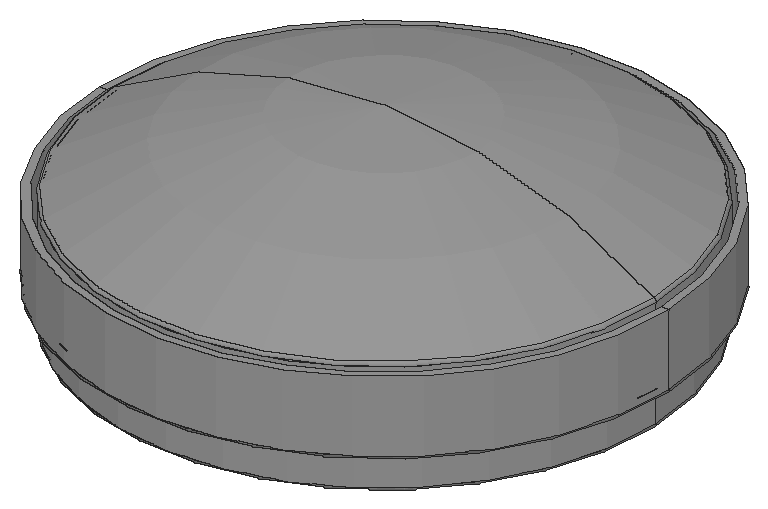
Revit family "3034784 Sylvania Lighting Fixture GIOTTO305 LED G2 4000K SURFACE EMERGENCY", category Lighting Fixtures, host Face, Revit 2016
Family settings
  Host = Face
  Part Type = Normal
  Round Connector Dimension = Use Diameter
  OmniClass Number = 23.80.70.00
  OmniClass Title = Lighting
  Cut with Voids When Loaded = No
  Light Source = Yes
  Shared = No
  Room Calculation Point = No
Parameters (values of type "3034784 GIOTTO305 LED G2 4000K SURFACE EMERGENCY Emergency mode")
  Weight = "1.41 kg"
  Wattage Comments = ""
  Wattage = 20 W
  WarrantyStartDate [instance] = "n/a"
  WarrantyGuarantorParts = "n/a"
  WarrantyDurationUnit = "n/a"
  WarrantyDurationParts = "n/a"
  WarrantyDescription = "n/a"
  built-in parameter 1150110 = 1 (stored number, unit not read)
  Voltage = 0 V
  URL = "http://www.sylvania-lighting.com"
  TypeName = "GIOTTO305 LED G2 4000K SURFACE EMERGENCY Emergency mode"
  Type Image = <None>
  Type Comments = "n/a"
  built-in parameter 1114217 = 1 (stored number, unit not read)
  Tilt Angle = -90.00°
  built-in parameter 1150109 = 1 (stored number, unit not read)
  built-in parameter 1150134 = 12
  built-in parameter 1150113 = 1 (stored number, unit not read)
  SerialNumber [instance] = "n/a"
  Photometric Web File = "3034784EM.ies"
  Material_3_SYL = LED-Sylvania
  PowerFactor = 0
  PowerConsumption = "20 W"
  NominalLength = 305 mm
  NominalHeight = 104 mm
  NominalDepth = 305 mm
  Name = "GIOTTO305 LED G2 4000K SURFACE EMERGENCY Emergency mode"
  ModelReference = Name  # "GIOTTO305 LED G2 4000K SURFACE EMERGENCY Emergency mode"
  ModelNumber = "3034784"
  Model = Name  # "GIOTTO305 LED G2 4000K SURFACE EMERGENCY Emergency mode"
  Material = "polycarbonate housing, polycarbonate diffuser"
  ManufacturerName = "Feilo Sylvania"
  Manufacturer = "Feilo Sylvania"
  LuminousEfficacy = "5.45 lm/W"
  built-in parameter 1150105 = 8.6739 (stored number, unit not read)
  Lumens = 109 lm
  LuminaireType = ""
  built-in parameter 1150115 = 1 (stored number, unit not read)
  LightOutputRatio = "n/a"
  built-in parameter 1150137 = (empty or 0)
  built-in parameter 1150139 = (empty or 0)
  LampsType = Lamp  # "LED"
  LampNominalLuminous = "109 lm"
  LampMacAdamStep = "n/a"
  LampColourTemperature = "4000 K"
  LampColourRenderingIndex = "80"
  built-in parameter 1150112 = 1 (stored number, unit not read)
  built-in parameter 1150114 = 1 (stored number, unit not read)
  Lamp = "LED"
  Keynote = "16500"
  InstallationDate [instance] = "n/a"
  InputVoltage = "n/a"
  InputNominalFrequency = "n/a"
  built-in parameter 1150132 = (empty or 0)
  built-in parameter 1150102 = (empty or 0)
  built-in parameter 1150107 = 4000 (stored number, unit not read)
  built-in parameter 1150138 = (empty or 0)
  IngressProtection = "IP44"
  ImpactProtectionIndex = "IK10"
  built-in parameter 1150106 = 0.086739 (stored number, unit not read)
  IfcExportType = "IfcLightFixtureType"
  IfcExportAs = "IfcLightFixtureType"
  Height_SYL = 104 mm
  ExpectedLife = 50000
  Emit from Circle Diameter = 317 mm
  Emit Shape Visible in Rendering = no
  ElectricShockClassification = "Class I"
  built-in parameter 1150104 = 0.50632 (stored number, unit not read)
  DurationUnit = "hours"
  DocumentationLiterature = "http://www.sylvania-lighting.com/product/en-int/products/3034784"
  DimmingControlOptions = "n/a"
  Material_2_SYL = Polycarbonate_Sylvania_Giotto_Opal
  Dimming Lamp Color Temperature Shift = <None>
  DiffuserRadius_SYL = 282.611 mm
  Diameter_SYL = 305 mm
  Description = "Ambient and decorative round, surface mounted LED bulkhead luminaire. White robust polycarbonate body with opal diffuser, 1596 lm, 20W, 80lm/W, 4000K, CRI 80, non-dimmable, integral 3 hour maintained emergency, 50,000 hours lumen maintenance. Drive current: 700mA, IP44, IK10, Class I, 220-240V, Energy class: A++, A+, A."
  Default Elevation = 1219.2 mm
  CreatedOn = "11/7/2018"
  CreatedBy = "@sylvania-lighting.com"
  Cost = 0
  Color Filter = 16777215
  built-in parameter 1114216 [instance] = (empty or 0)
  ClassificationValue = "EF_70_80"
  ClassificationName = "Uniclass2015"
  Material_1_SYL = Polycarbonate_Sylvania_Giotto_White
  BarCode [instance] = "n/a"
  built-in parameter 1114218 = 1 (stored number, unit not read)
  built-in parameter 1150133 = 10 (stored number, unit not read)
  AssetType = "Fixed"
  AssetIdentifier [instance] = "n/a"
  Assembly Code = "D5020200"
  Apparent Load = 20 VA
  Material_4_SYL = none
Types (2, lengths in mm): name | TypeName | Photometric Web File | Name | ModelReference | Model | LuminousEfficacy | built-in parameter 1150105 | Lumens | LampNominalLuminous | built-in parameter 1150106 | built-in parameter 1150104
  3034784 GIOTTO305 LED G2 4000K SURFACE EMERGENCY Emergency mode | "GIOTTO305 LED G2 4000K SURFACE EMERGENCY Emergency mode" | "3034784EM.ies" | "GIOTTO305 LED G2 4000K SURFACE EMERGENCY Emergency mode" | "GIOTTO305 LED G2 4000K SURFACE EMERGENCY Emergency mode" | "GIOTTO305 LED G2 4000K SURFACE EMERGENCY Emergency mode" | "5.45 lm/W" | 8.6739 (stored number, unit not read) | 109 lm | "109 lm" | 0.086739 (stored number, unit not read) | 0.50632 (stored number, unit not read)
  3034784 GIOTTO305 LED G2 4000K SURFACE EMERGENCY | "GIOTTO305 LED G2 4000K SURFACE EMERGENCY" | "3034784.ies" | "GIOTTO305 LED G2 4000K SURFACE EMERGENCY" | "GIOTTO305 LED G2 4000K SURFACE EMERGENCY" | "GIOTTO305 LED G2 4000K SURFACE EMERGENCY" | "80 lm/W" | 127.32 (stored number, unit not read) | 1600 lm | "1596 lm" | 1.2732 (stored number, unit not read) | 7.4322 (stored number, unit not read)
Reference planes
  plane 1 "Center (Front/Back)": y = 0
  plane 2: z = 0
  plane 3 "Center (Left/Right)": x = 0
  plane 4: x = 152.5
  plane 5: x = -152.5
  plane 6: x = -145.5
  plane 7: x = -148.5
  plane 8: z = 104
  plane 9: z = 59
  plane 10: z = 19
  plane 11: z = 24
  plane 12: x = -150.9
  plane 13: z = 20.6
  plane 14: z = 1.6
  plane 15: x = -143.9
  plane 16: z = 18
  plane 17: x = -146.5
  plane 18: z = 25
  plane 19: z = 61
Forms (mm)
  Revolve 1, solid, material "Polycarbonate_Sylvania_Giotto_White" <- "Material_1_SYL"
    sketch origin (0, 0, 0) x (1, 0, 0) y (0, 0, 1)
      loop
        line (0, 0) -> (0, 25) -> (-143.9, 25) -> (-143.9, 24) -> (-148.5, 24) -> (-148.5, 59) -> (-152.5, 59) -> (-152.5, 20.6)
        arc (-152.5, 20.6) -> (-152.031, 19.469) -> (-150.9, 19) r 1.6
        line (-150.9, 19) -> (-146.5, 19)
        arc (-146.5, 19) -> (-145.793, 18.707) -> (-145.5, 18) r 1
        line (-145.5, 18) -> (-145.5, 1.6)
        arc (-145.5, 1.6) -> (-145.031, 0.469) -> (-143.9, 0) r 1.6
        line (-143.9, 0) -> (0, 0)
      axis (0, 59) -> (0, 0)
    angle from 360 to 0
  Revolve 2, solid, material "Polycarbonate_Sylvania_Giotto_Opal" <- "Material_2_SYL"
    sketch origin (0, 0, 0) x (1, 0, 0) y (0, 0, 1)
      loop
        line (-145.5, 24) -> (-143.9, 24) -> (-143.9, 59.636)
        arc (-143.9, 59.636) -> (-143.79, 60.068) -> (-143.485, 60.394) r 0.9
        arc (-143.485, 60.394) -> (-74.754, 91.683) -> (0, 102.4) r 266.066
        line (0, 102.4) -> (0, 104)
        arc (0, 104) -> (-75.203, 93.218) -> (-144.348, 61.742) r 267.666
        arc (-144.348, 61.742) -> (-145.193, 60.836) -> (-145.5, 59.636) r 2.5
        line (-145.5, 59.636) -> (-145.5, 24)
      axis (0, 104) -> (0, 24)
    angle from 360 to 0
Dimensions and locks
  equal spacing: plane 4, plane 3 "Center (Left/Right)", plane 5
  "Diameter_SYL": plane 4 to plane 5
  locked: plane 6 to plane 5 at 7
  locked: plane 7 to plane 5 at 4
  "Height_SYL": plane 8 to plane 2
  locked: plane 8 to plane 9 at 45
  locked: plane 9 to plane 10 at 40
  Revolve 1 sketch curve to Revolve 1 sketch curve = 4.4 mm
  locked: plane 11 to plane 10 at 5
  locked: plane 12 to plane 5 at 1.6
  locked: plane 13 to plane 10 at 1.6
  locked: plane 14 to plane 2 at 1.6
  locked: plane 15 to plane 6 at 1.6
  locked: plane 6 to plane 17 at 1
  locked: plane 10 to plane 16 at 1
  locked: plane 18 to plane 11 at 1
  locked: plane 19 to plane 9 at 2
  aligned and locked: plane 2 to host face
  aligned and locked: level to host face
  aligned and locked: Revolve 1 sketch curve to plane 3 "Center (Left/Right)"
  aligned and locked: level to Revolve 1 sketch curve
  aligned and locked: Revolve 1 sketch curve to plane 10
  aligned and locked: plane 9 to Revolve 1 sketch curve
  aligned and locked: Revolve 1 sketch curve to plane 7
  aligned and locked: plane 12 to Revolve 1 sketch curve  (x2)
  aligned and locked: plane 13 to Revolve 1 sketch curve  (x2)
  aligned and locked: plane 15 to Revolve 1 sketch curve  (x3)
  aligned and locked: plane 14 to Revolve 1 sketch curve  (x2)
  aligned and locked: plane 3 "Center (Left/Right)" to imposter light
  aligned and locked: imposter light to plane 1 "Center (Front/Back)"
  aligned and locked: plane 18 to Revolve 1 sketch curve
  aligned and locked: plane 11 to Revolve 1 sketch curve
  aligned and locked: imposter light to plane 8
  aligned and locked: plane 6 to Revolve 1 sketch curve
  aligned and locked: plane 17 to Revolve 1 sketch curve
  aligned and locked: plane 16 to Revolve 1 sketch curve
  aligned and locked: Revolve 2 sketch curve to plane 3 "Center (Left/Right)"
  aligned and locked: plane 6 to Revolve 2 sketch curve
  aligned and locked: plane 3 "Center (Left/Right)" to Revolve 2 sketch curve
  aligned and locked: plane 11 to Revolve 2 sketch curve
  aligned and locked: Revolve 2 sketch curve to imposter light
Automatic sketch dimensions
  host sketch curve to host sketch curve = 2438.4 mm  (x2)
  Revolve 1 sketch curve to plane 3 "Center (Left/Right)" = 0 mm
  Revolve 1 sketch curve to level = 609.6 mm
  Revolve 1 sketch curve to plane 8 = 2499.058 mm
  Revolve 2 sketch curve to Revolve 2 sketch curve = 0 mm  (x4)
  Revolve 2 sketch curve to plane 15 = 0 mm
  Revolve 2 sketch curve to plane 8 = 0 mm
  plane 15 to Revolve 2 sketch curve = 0.9 mm
  Revolve 2 sketch curve to level = 163.666 mm
  Revolve 2 sketch curve to plane 9 = 0.636 mm
  Revolve 2 sketch curve to Revolve 2 sketch curve = 445.934 mm
  Revolve 2 sketch curve to plane 8 = 2505.058 mm
Connectors
  electrical at (0, 0, 0), driven by "Apparent Load", driven by "PowerFactor", driven by "Voltage"
    settings: index 1, voltage 0 V, apparent load 20 VA, apparent load phase1 0 VA, apparent load phase2 0 VA, apparent load phase3 0 VA, power factor 0, load classification "Lighting", number of poles 1, system type 30, power factor state 1, is connector primary yes, connector utility no, sub classification motor no, connector description ""
